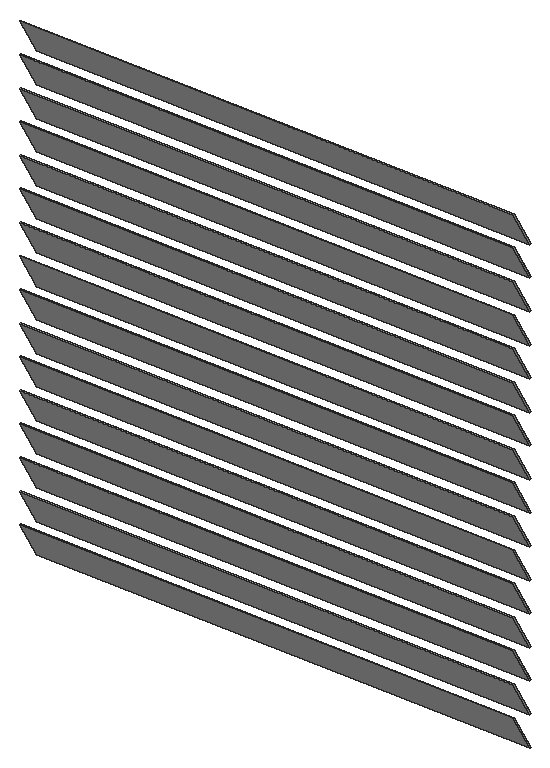
Revit family
Parameters (values of type "Louver_window_family_object_4856 1800*1800")
  URL = "www.DPlusP.com"
  NumBlades [instance] = Height / BladeLength / sin(BladeAngle) + 2  # 16
  Manufacturer = "D+P JPF"
  Height = 5' - 10.86614"
  Default Sill Height = 4' - 0"
  Wall Closure = (empty or 0)
  Width = 5' - 10.86614"
  BladeThicknes [instance] = 0' - 0 1/8"
  BladeMaterial [instance] = Default
  BladeLength [instance] = 0' - 6"
  BladeAngle [instance] = 60.00°
  Assembly Code = ""
Reference planes (in)
  plane 1 "Center (Front/Back)": y = 0
  plane 2: z = 0
  plane 3 "Center (Left/Right)": x = 0
  plane 4 "Left": x = -35.43307
  plane 5 "Right": x = 35.43307
  plane 6 "Sill": z = 48
  plane 7 "Top": z = 118.86614
Lines and regions (in)
  Opening 1
    outline origin (-60, -3, 0) x (1, 0, 0) y (0, 0, 1)
      loop
        line (24.56693, 118.86614) -> (24.56693, 48) -> (95.43307, 48) -> (95.43307, 118.86614) -> (24.56693, 118.86614)
Text (in)
  text "EXTERIOR" at (-58.6888, 50.90694, 0), in view "Ref. Level"
  text "INTERIOR" at (-58.6888, -37.76638, 0), in view "Ref. Level"
  text "Exterior" at (0, 43.65631, 123.19604), in view "Left"
  text "Exterior" at (0, 18.29385, 125.04747), in view "Right"
Dimensions and locks (in)
  equal spacing: plane 4 "Left", plane 3 "Center (Left/Right)", plane 5 "Right"
  "Width": plane 4 "Left" to plane 5 "Right"
  "Height": plane 6 "Sill" to plane 7 "Top"
  "Default Sill Height": plane 2 to plane 6 "Sill"
  equal spacing: group 1, group 3, group 4, group 5, group 6, group 7, group 8, group 9, group 10, group 11, group 12, group 13, group 14, group 15, group 16, group 2  (x3)
  aligned and locked: plane 7 "Top" to Opening 1 sketch curve
  aligned and locked: plane 6 "Sill" to Opening 1 sketch curve  (x2)
  aligned and locked: plane 5 "Right" to Opening 1 sketch curve
  aligned and locked: plane 4 "Left" to Opening 1 sketch curve
  aligned and locked: nested 1 to plane 6 "Sill"
  aligned and locked: nested 1 to plane 4 "Left"
  aligned and locked: nested 2 to plane 4 "Left"
  aligned and locked: nested 2 to plane 7 "Top"
Nested families (in)
  nested 1: "Blade02" at (-35.43307, 0, 48), BladeThickness <- "BladeThicknes", BladeLength <- "BladeLength", BladeAngle <- "BladeAngle", BladeMaterial <- "BladeMaterial", LouverWidth <- "Width", type "Blade02"
    with LouverWidth 5' - 10.86614", BladeThickness 0' - 0 1/8", BladeRadius 0' - 3", BladeMaterial Default, BladeLength 0' - 6", BladeAngle 60.00°
  nested 2: "Blade02" at (-35.43307, 0, 112.86614), BladeThickness <- "BladeThicknes", BladeLength <- "BladeLength", BladeAngle <- "BladeAngle", BladeMaterial <- "BladeMaterial", LouverWidth <- "Width", type "Blade02"
    with LouverWidth 5' - 10.86614", BladeThickness 0' - 0 1/8", BladeRadius 0' - 3", BladeMaterial Default, BladeLength 0' - 6", BladeAngle 60.00°
  nested 3: "Blade02" at (-35.43307, 0, 52.32441), BladeThickness <- "BladeThicknes", BladeLength <- "BladeLength", BladeAngle <- "BladeAngle", BladeMaterial <- "BladeMaterial", LouverWidth <- "Width", type "Blade02"
    with LouverWidth 5' - 10.86614", BladeThickness 0' - 0 1/8", BladeRadius 0' - 3", BladeMaterial Default, BladeLength 0' - 6", BladeAngle 60.00°
  nested 4: "Blade02" at (-35.43307, 0, 56.64882), BladeThickness <- "BladeThicknes", BladeLength <- "BladeLength", BladeAngle <- "BladeAngle", BladeMaterial <- "BladeMaterial", LouverWidth <- "Width", type "Blade02"
    with LouverWidth 5' - 10.86614", BladeThickness 0' - 0 1/8", BladeRadius 0' - 3", BladeMaterial Default, BladeLength 0' - 6", BladeAngle 60.00°
  nested 5: "Blade02" at (-35.43307, 0, 60.97323), BladeThickness <- "BladeThicknes", BladeLength <- "BladeLength", BladeAngle <- "BladeAngle", BladeMaterial <- "BladeMaterial", LouverWidth <- "Width", type "Blade02"
    with LouverWidth 5' - 10.86614", BladeThickness 0' - 0 1/8", BladeRadius 0' - 3", BladeMaterial Default, BladeLength 0' - 6", BladeAngle 60.00°
  nested 6: "Blade02" at (-35.43307, 0, 65.29764), BladeThickness <- "BladeThicknes", BladeLength <- "BladeLength", BladeAngle <- "BladeAngle", BladeMaterial <- "BladeMaterial", LouverWidth <- "Width", type "Blade02"
    with LouverWidth 5' - 10.86614", BladeThickness 0' - 0 1/8", BladeRadius 0' - 3", BladeMaterial Default, BladeLength 0' - 6", BladeAngle 60.00°
  nested 7: "Blade02" at (-35.43307, 0, 69.62205), BladeThickness <- "BladeThicknes", BladeLength <- "BladeLength", BladeAngle <- "BladeAngle", BladeMaterial <- "BladeMaterial", LouverWidth <- "Width", type "Blade02"
    with LouverWidth 5' - 10.86614", BladeThickness 0' - 0 1/8", BladeRadius 0' - 3", BladeMaterial Default, BladeLength 0' - 6", BladeAngle 60.00°
  nested 8: "Blade02" at (-35.43307, 0, 73.94646), BladeThickness <- "BladeThicknes", BladeLength <- "BladeLength", BladeAngle <- "BladeAngle", BladeMaterial <- "BladeMaterial", LouverWidth <- "Width", type "Blade02"
    with LouverWidth 5' - 10.86614", BladeThickness 0' - 0 1/8", BladeRadius 0' - 3", BladeMaterial Default, BladeLength 0' - 6", BladeAngle 60.00°
  nested 9: "Blade02" at (-35.43307, 0, 78.27087), BladeThickness <- "BladeThicknes", BladeLength <- "BladeLength", BladeAngle <- "BladeAngle", BladeMaterial <- "BladeMaterial", LouverWidth <- "Width", type "Blade02"
    with LouverWidth 5' - 10.86614", BladeThickness 0' - 0 1/8", BladeRadius 0' - 3", BladeMaterial Default, BladeLength 0' - 6", BladeAngle 60.00°
  nested 10: "Blade02" at (-35.43307, 0, 82.59528), BladeThickness <- "BladeThicknes", BladeLength <- "BladeLength", BladeAngle <- "BladeAngle", BladeMaterial <- "BladeMaterial", LouverWidth <- "Width", type "Blade02"
    with LouverWidth 5' - 10.86614", BladeThickness 0' - 0 1/8", BladeRadius 0' - 3", BladeMaterial Default, BladeLength 0' - 6", BladeAngle 60.00°
  nested 11: "Blade02" at (-35.43307, 0, 86.91969), BladeThickness <- "BladeThicknes", BladeLength <- "BladeLength", BladeAngle <- "BladeAngle", BladeMaterial <- "BladeMaterial", LouverWidth <- "Width", type "Blade02"
    with LouverWidth 5' - 10.86614", BladeThickness 0' - 0 1/8", BladeRadius 0' - 3", BladeMaterial Default, BladeLength 0' - 6", BladeAngle 60.00°
  nested 12: "Blade02" at (-35.43307, 0, 91.24409), BladeThickness <- "BladeThicknes", BladeLength <- "BladeLength", BladeAngle <- "BladeAngle", BladeMaterial <- "BladeMaterial", LouverWidth <- "Width", type "Blade02"
    with LouverWidth 5' - 10.86614", BladeThickness 0' - 0 1/8", BladeRadius 0' - 3", BladeMaterial Default, BladeLength 0' - 6", BladeAngle 60.00°
  nested 13: "Blade02" at (-35.43307, 0, 95.5685), BladeThickness <- "BladeThicknes", BladeLength <- "BladeLength", BladeAngle <- "BladeAngle", BladeMaterial <- "BladeMaterial", LouverWidth <- "Width", type "Blade02"
    with LouverWidth 5' - 10.86614", BladeThickness 0' - 0 1/8", BladeRadius 0' - 3", BladeMaterial Default, BladeLength 0' - 6", BladeAngle 60.00°
  nested 14: "Blade02" at (-35.43307, 0, 99.89291), BladeThickness <- "BladeThicknes", BladeLength <- "BladeLength", BladeAngle <- "BladeAngle", BladeMaterial <- "BladeMaterial", LouverWidth <- "Width", type "Blade02"
    with LouverWidth 5' - 10.86614", BladeThickness 0' - 0 1/8", BladeRadius 0' - 3", BladeMaterial Default, BladeLength 0' - 6", BladeAngle 60.00°
  nested 15: "Blade02" at (-35.43307, 0, 104.21732), BladeThickness <- "BladeThicknes", BladeLength <- "BladeLength", BladeAngle <- "BladeAngle", BladeMaterial <- "BladeMaterial", LouverWidth <- "Width", type "Blade02"
    with LouverWidth 5' - 10.86614", BladeThickness 0' - 0 1/8", BladeRadius 0' - 3", BladeMaterial Default, BladeLength 0' - 6", BladeAngle 60.00°
  nested 16: "Blade02" at (-35.43307, 0, 108.54173), BladeThickness <- "BladeThicknes", BladeLength <- "BladeLength", BladeAngle <- "BladeAngle", BladeMaterial <- "BladeMaterial", LouverWidth <- "Width", type "Blade02"
    with LouverWidth 5' - 10.86614", BladeThickness 0' - 0 1/8", BladeRadius 0' - 3", BladeMaterial Default, BladeLength 0' - 6", BladeAngle 60.00°
Definition of nested family "Blade02"
  Parameters
    LouverWidth [instance] = 3' - 0"
    BladeThickness [instance] = 0' - 0 1/4"
    BladeRadius [instance] = BladeLength * 0.5  # 0' - 3"
    BladeMaterial [instance] = Default
    BladeLength [instance] = 0' - 6"
    BladeAngle [instance] = 60.00°
  Reference planes (in)
    plane 1 "Center (Front/Back)": y = 0
    plane 2: z = 0
    plane 3 "Center (Left/Right)": x = 0
    plane 4: z = 3
    plane 5: z = 6
    plane 6: x = 36
  Forms (in)
    Extrusion 1, solid, material "Default" <- "BladeMaterial"
      sketch origin (0, 0, 0) x (0, 1, 0) y (0, 0, 1)
        loop
          arc (1.39044, 0.34168) -> (1.5, 0.40192) -> (1.60695, 0.46668) r 3
          line (1.60695, 0.46668) -> (-1.39044, 5.65832)
          arc (-1.39044, 5.65832) -> (-1.5, 5.59808) -> (-1.60695, 5.53332) r 3
          line (-1.60695, 5.53332) -> (1.39044, 0.34168)
      from 0 to 36
  Lines and regions (in)
    reference lines
      curve 1: line (0, 0, 3) -> (0, -2.25, 6.89711)
      curve 2: arc (0, 0, 6) -> (0, 3, 3) -> (0, 0, 0) r 3
      curve 3: arc (0, 0, 0) -> (0, -3, 3) -> (0, 0, 6) r 3
      curve 4: line (0, -0.02024, 3.28506) -> (0, -1.17665, 5.28801)
      curve 5: line (0, -0.15602, 3.02024) -> (0, -1.105, 4.66392)
  Dimensions and locks (in)
    equal spacing: curve 5, curve 1, curve 4
    "BladeThickness": curve 5 to curve 4
    "LouverWidth": plane 6 to plane 3 "Center (Left/Right)"
    equal spacing: plane 5, plane 4, plane 2
    "BladeLength": plane 5 to plane 2
    "BladeAngle": angle plane 4 to curve 1
    aligned and locked: plane 5 to curve 2
    aligned and locked: plane 1 "Center (Front/Back)" to curve 2
    aligned and locked: level to curve 3
    aligned and locked: Extrusion 1 sketch curve to curve 4
    aligned and locked: Extrusion 1 sketch curve to curve 5
    aligned and locked: Extrusion 1 sketch curve to curve 3
    aligned and locked: Extrusion 1 sketch curve to curve 2
    aligned and locked: Extrusion 1 to plane 6
  Automatic sketch dimensions
    curve 1 to plane 1 "Center (Front/Back)" = 0' - 0"
    curve 1 to plane 4 = 0' - 0"
    plane 4 to curve 5 = 0' - 0.02024"
    plane 1 "Center (Front/Back)" to curve 4 = 0' - 0.02024"
    curve 5 to plane 5 = 0' - 1.33608"
    curve 5 to curve 4 = 0' - 0.62409"
